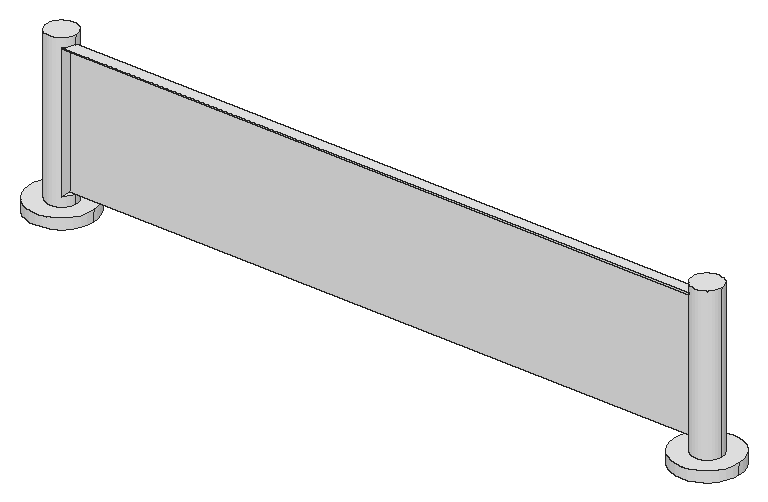
Revit family "CL60018-C_ROUND METAL SHELF", category Specialty Equipment, host Face, Revit 2015
Parameters (values of type "ROUND METAL SHELF CHROME")
  URL = "https://www.clark.com.au/"
  Model = "CL60018.C"
  Material_Base = GWA_Metal-Chrome
  Manufacturer = "GWA Bathrooms & Kitchens"  # constant formula
  Description = "ROUND METAL SHELF CHROME"
  Default Elevation = 900 mm
  CreatedBy_ANZRS = "GWA Bathrooms & Kitchens"  # constant formula
  Assembly Code = "C1030200"
Types (3, lengths in mm): name | Model | Material_Base | Description
  (no name) | "CL60018.C" | GWA_Metal-Chrome | "ROUND METAL SHELF CHROME"
  ROUND METAL SHELF CHROME | "CL60018.C" | GWA_Metal-Chrome | "ROUND METAL SHELF CHROME"
  ROUND METAL SHELF BLACK | "CL60018.B" | GWA-Metal-Black | "ROUND METAL SHELF BLACK"
Reference planes
  plane 1 "Center (Front/Back)": y = 0
  plane 2: z = 0
  plane 3 "Center (Left/Right)": x = 0
Forms (mm)
  Extrusion 1, solid, material "GWA_Metal-Chrome" <- "Material_Base"
    sketch origin (-186.964, 0, 0) x (1, 0, 0) y (0, 1, 0)
      loop
        circle (-13.036, 0) r 20
    from 0 to 6.5
  Extrusion 2, solid, material "GWA_Metal-Chrome" <- "Material_Base"
    sketch origin (-186.964, 0, 0) x (1, 0, 0) y (0, 1, 0)
      loop
        circle (-13.036, 0) r 9
    from 0 to 100
  Extrusion 3, solid, material "GWA_Metal-Chrome" <- "Material_Base"
    sketch origin (213.036, 0, 0) x (1, 0, 0) y (0, 1, 0)
      loop
        circle (-13.036, 0) r 20
    from 0 to 6.5
  Extrusion 4, solid, material "GWA_Metal-Chrome" <- "Material_Base"
    sketch origin (213.036, 0, 0) x (1, 0, 0) y (0, 1, 0)
      loop
        circle (-13.036, 0) r 9
    from 0 to 100
  Extrusion 5, solid, material "GWA_Metal-Chrome" <- "Material_Base"
    sketch origin (0, 0, 0) x (1, 0, 0) y (0, 1, 0)
      loop
        line (-194.3, 0) -> (-194.3, -7) -> (194.3, -7) -> (194.3, 0) -> (-194.3, 0)
    from 12 to 95
  Extrusion 6, void
    sketch origin (0, 0, 0) x (1, 0, 0) y (0, 1, 0)
      loop
        line (194.3, 0) -> (188.289, 0) -> (188.289, -8.664) -> (194.3, -8.664) -> (194.3, 0)
    from 12 to 95
  Extrusion 7, void
    sketch origin (0, 0, 0) x (1, 0, 0) y (0, 1, 0)
      loop
        line (199.3, -12) -> (199.3, -1) -> (-199.3, -1) -> (-199.3, -12) -> (199.3, -12)
    from 12 to 94
  Extrusion 8, void
    sketch origin (-382.589, 0, 0) x (1, 0, 0) y (0, 1, 0)
      loop
        line (194.3, 0) -> (188.289, 0) -> (188.289, -8.664) -> (194.3, -8.664) -> (194.3, 0)
    from 12 to 95
Cuts and joins
  Extrusion 6, Extrusion 8 cuts Extrusion 4
  Extrusion 7 cuts Extrusion 5
  Extrusion 8 cuts Extrusion 2
Lines and regions (mm)
  Masking region 1
    outline origin (0, 0, 0) x (1, 0, 0) y (0, 1, 0)
      loop
        arc (-180, 0) -> (-200, 20) -> (-220, 0) r 20
        arc (-220, 0) -> (-203.557, -19.681) -> (-181.265, -7) r 20
        line (-181.265, -7) -> (181.265, -7)
        arc (181.265, -7) -> (203.557, -19.681) -> (220, 0) r 20
        arc (220, 0) -> (200, 20) -> (180, 0) r 20
        line (180, 0) -> (-180, 0)
  Masking region 2
    outline origin (0, 0, 0) x (1, 0, 0) y (0, 0, 1)
      loop
        line (191, 95) -> (-191, 95) -> (-191, 100) -> (-209, 100) -> (-209, 6.5) -> (-220, 6.5) -> (-220, 0) -> (-180, 0) -> (-180, 6.5) -> (-191, 6.5) -> (-191, 12) -> (191, 12) -> (191, 6.5) -> (180, 6.5) -> (180, 0) -> (220, 0) -> (220, 6.5) -> (209, 6.5) -> (209, 100) -> (191, 100) -> (191, 95)
  Masking region 3
    outline origin (0, 0, 0) x (0, 1, 0) y (0, 0, 1)
      loop
        line (9, 100) -> (-9, 100) -> (-9, 6.5) -> (-20, 6.5) -> (-20, 0) -> (20, 0) -> (20, 6.5) -> (9, 6.5) -> (9, 100)
  symbolic lines
    curve 1: circle (-200, 0, 0) r 9 normal (0, 0, 1)
    curve 2: circle (200, 0, 0) r 9 normal (0, 0, 1)
    curve 3: line (180, 0, 0) -> (191, 0, 0)
    curve 4: line (181.265, -7, 0) -> (194.343, -7, 0)
    curve 5: line (-181.265, -7, 0) -> (-194.343, -7, 0)
    curve 6: line (-180, 0, 0) -> (-191, 0, 0)
    curve 7: line (209, 0, 6.5) -> (191, 0, 6.5)
    curve 8: line (191, 0, 12) -> (191, 0, 95)
    curve 9: line (-191, 0, 95) -> (-191, 0, 12)
    curve 10: line (-191, 0, 6.5) -> (-209, 0, 6.5)
    curve 11: line (0, 9, 6.5) -> (0, -9, 6.5)
Dimensions and locks
  aligned and locked: plane 2 to host face
  aligned and locked: level to host face
